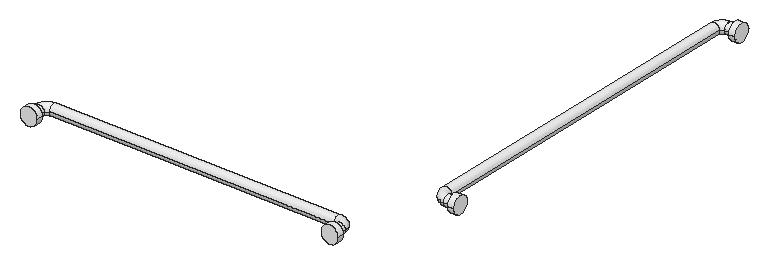
Revit family "Grab Bar-3D", category Specialty Equipment, Revit 2019
Family settings
  Round Connector Dimension = Use Diameter
  Part Type = Normal
  Work Plane-Based = No
  Always vertical = Yes
  Cut with Voids When Loaded = No
  Shared = Yes
  Room Calculation Point = No
Parameters
  Back Bar Length = 3' - 0"
  Mounting Height = 2' - 10"
  Side Bar Length = 3' - 6"
  Assembly Code = ""
Reference planes (in)
  plane 1 "Center F/B": y = 0
  plane 2: z = 0
  plane 3 "Center L/R": x = 0
  plane 4: x = -6
  plane 5: x = -42
  plane 6: y = 12
  plane 7: y = 54
  plane 8 "Center Line": z = 34
  plane 9: y = 0.75
  plane 10: x = -0.75
Forms (in)
  Sweep 1, solid, material "Metal - Aluminum, Brushed"
    path origin (0, 0, 0) x (1, 0, 0) y (0, 1, 0)
      loop
        line (-42, 0.75) -> (-42, 1.5)
        arc (-42, 1.5) -> (-41.70711, 2.20711) -> (-41, 2.5) r 1
        line (-41, 2.5) -> (-7, 2.5)
        arc (-7, 2.5) -> (-6.29289, 2.20711) -> (-6, 1.5) r 1
        line (-6, 1.5) -> (-6, 0.75)
    profile origin (-24, 0, 0) x (0, 1, 0) y (0, 0, 1)
      loop
        circle (2.5, 34) r 0.625
  Sweep 2, solid, material "Metal - Aluminum, Brushed"
    path origin (0, 0, 0) x (1, 0, 0) y (0, 1, 0)
      loop
        line (-0.75, 12) -> (-1.5, 12)
        arc (-1.5, 12) -> (-2.20711, 12.29289) -> (-2.5, 13) r 1
        line (-2.5, 13) -> (-2.5, 53)
        arc (-2.5, 53) -> (-2.20711, 53.70711) -> (-1.5, 54) r 1
        line (-1.5, 54) -> (-0.75, 54)
    profile origin (0, 33, 0) x (-1, 0, 0) y (0, 0, 1)
      loop
        circle (2.5, 34) r 0.625
  Extrusion 3, solid, material "Metal - Aluminum, Brushed"
    sketch origin (0, 0, 0) x (1, 0, 0) y (0, 0, 1)
      loop
        circle (-6, 34) r 1
      loop
        circle (-42, 34) r 1
    from -0.75 to 0
  Extrusion 4, solid, material "Metal - Aluminum, Brushed"
    sketch origin (0, 0, 0) x (0, 1, 0) y (0, 0, 1)
      loop
        circle (12, 34) r 1
      loop
        circle (54, 34) r 1
    from -0.75 to 0
Lines and regions (in)
  model lines, style "InvisibleLines"
    curve 1: line (0, 57, 0) -> (0, 0, 0)
    curve 2: line (0, 0, 0) -> (-45, 0, 0)
Dimensions and locks (in)
  plane 1 "Center F/B" to plane 6 = 1' - 0"
  "Side Bar Length": plane 7 to plane 6
  locked: plane 4 to plane 3 "Center L/R" at 6
  "Back Bar Length": plane 5 to plane 4
  "Mounting Height": plane 8 "Center Line" to plane 2
  locked: plane 8 "Center Line" to Sweep 1 sketch curve
  locked: plane 8 "Center Line" to Sweep 2 sketch curve
  locked: plane 1 "Center F/B" to plane 9 at 0.75
  locked: plane 10 to plane 3 "Center L/R" at 0.75
  aligned and locked: Extrusion 3 to plane 9
  aligned and locked: plane 1 "Center F/B" to Extrusion 3
  aligned and locked: Extrusion 4 to plane 10
  aligned and locked: plane 3 "Center L/R" to Extrusion 4
  aligned and locked: plane 9 to Sweep 1 sketch curve  (x2)
  aligned and locked: plane 10 to Sweep 2 sketch curve  (x2)
Automatic sketch dimensions
  Sweep 1 sketch curve to profile plane = 0' - 0"
  Sweep 1 sketch curve to Sweep 1 sketch curve = 0' - 0 5/8"
  Sweep 2 sketch curve to profile plane = 0' - 0"
  Sweep 2 sketch curve to Sweep 2 sketch curve = 0' - 0 5/8"
  Extrusion 3 sketch curve to plane 8 "Center Line" = 0' - 0"  (x2)
  Extrusion 3 sketch curve to plane 5 = 0' - 0"
  Extrusion 3 sketch curve to plane 4 = 0' - 0"
  Extrusion 3 sketch curve to Extrusion 3 sketch curve = 0' - 1"  (x2)
  Extrusion 4 sketch curve to plane 8 "Center Line" = 0' - 0"  (x2)
  Extrusion 4 sketch curve to plane 6 = 0' - 0"
  Extrusion 4 sketch curve to plane 7 = 0' - 0"
  Extrusion 4 sketch curve to plane 6 = 0' - 1"
  Extrusion 4 sketch curve to plane 7 = 0' - 1"
  Sweep 1 sketch curve to plane 5 = 0' - 0"
  Sweep 1 sketch curve to plane 4 = 0' - 0"
  Sweep 1 sketch curve to plane 9 = 0' - 0 3/4"  (x2)
  plane 5 to Sweep 1 sketch curve = 0' - 1"
  Sweep 2 sketch curve to plane 6 = 0' - 0"
  Sweep 2 sketch curve to plane 7 = 0' - 0"
  Sweep 2 sketch curve to Sweep 2 sketch curve = 0' - 0 3/4"
  Sweep 2 sketch curve to plane 10 = 0' - 0 3/4"
  plane 6 to Sweep 2 sketch curve = 0' - 1"
  curve 2 to plane 1 "Center F/B" = 0' - 0"
  curve 2 to plane 3 "Center L/R" = 0' - 0"
  curve 2 to plane 5 = 0' - 3"
  plane 7 to curve 1 = 0' - 3"
